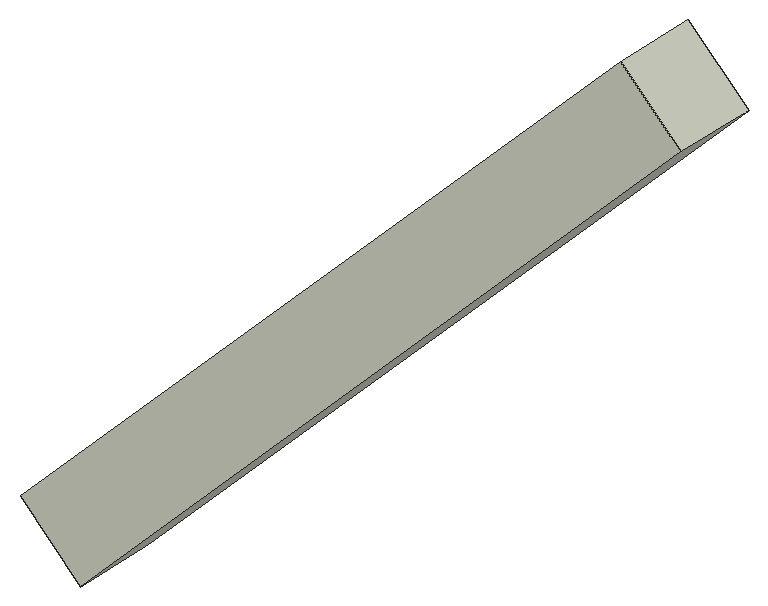
Revit family "グレーチング_等辺山形鋼", category Generic Models, Revit 2020
Family settings
  Can host rebar = No
  Round Connector Dimension = Use Diameter
  Part Type = Normal
  Work Plane-Based = Yes
  Always vertical = No
  Cut with Voids When Loaded = No
  Shared = No
  Room Calculation Point = No
Parameters (values of type "L 100 x 100")
  高さ = 100 mm
  長辺 [instance] = 長さ  # 1000 mm
  長さ [instance] = 1000 mm
  部屋名 = ""
  角度 [instance] = 45.00°
  Default Elevation = 1219.2 mm
  構造マテリアル = E614_グレーチング
  幅 = 100 mm
Types (18, lengths in mm): name | 高さ | 幅
  L 120 x 120 | 120 | 120
  L 130 x 130 | 130 | 130
  L 150 x 150 | 150 | 150
  L 175 x 175 | 175 | 175
  L 200 x 200 | 200 | 200
  L 25 x 25 | 25 | 25
  L 250 x 250 | 250 | 250
  L 30 x 30 | 30 | 30
  L 45 x 45 | 45 | 45
  L 50 x 50 | 50 | 50
  L 60 x 60 | 60 | 60
  L 65 x 65 | 65 | 65
  L 70 x 70 | 70 | 70
  L 75 x 75 | 75 | 75
  L 80 x 80 | 80 | 80
  L 90 x 90 | 90 | 90
  L 100 x 100 | 100 | 100
  L 40 x 40 | 40 | 40
Reference planes
  plane 1 "中心(正面/背面)": y = 0
  plane 2: z = 0
  plane 3 "中心(左/右)": x = 0
Lines and regions (mm)
  reference lines
    curve 1: line (0, 0, 0) -> (848.528, 0, 848.528)
    curve 2: line (35.355, 0, -35.355) -> (-35.355, 0, 35.355)
    curve 3: line (742.462, 0, 671.751) -> (671.751, 0, 742.462)
Dimensions and locks
  equal spacing: curve 2, curve 1, curve 2
  "高さ": curve 2 to curve 2
  equal spacing: curve 3, curve 1, curve 3
  "高さ": curve 3 to curve 3
  "長さ": curve 2 to curve 3
  "角度": angle level to curve 1
  angle curve 2 to curve 1 = 90.00°
  angle curve 3 to curve 1 = 90.00°
  aligned and locked: level to plane 2
  aligned and locked: level to curve 1
  aligned and locked: plane 3 "中心(左/右)" to curve 1
  aligned and locked: nested 1 to curve 1
Nested families
  nested 1: "グレーチング_等辺山形鋼" at (-35.355, 0, 35.355) x (0, 1, 0) z (0.7071, 0, -0.7071), 長さ <- "長さ", type "L 25 x 25"
    with 長辺 1000 mm, 長さ 1000 mm, 高さ 100 mm, 幅 100 mm
Definition of nested family "グレーチング_等辺山形鋼"
  Parameters (values of type "L 25 x 25")
    高さ = 25 mm
    長辺 [instance] = 長さ  # 1000 mm
    長さ [instance] = 1000 mm
    部屋名 = ""
    Default Elevation = 1219.2 mm
    構造マテリアル = none
    幅 = 25 mm
  Reference planes
    plane 1 "中心(正面/背面)": y = 0
    plane 2: z = 0
    plane 3 "中心(左/右)": x = 0
    plane 4: z = 12.5
    plane 5: z = 25
  Forms (mm)
    Extrusion 1, solid, material <- "構造マテリアル"
      sketch origin (0, 0, 0) x (1, 0, 0) y (0, 1, 0)
        loop
          line (-12.5, 1000) -> (-12.5, 0) -> (12.5, 0) -> (12.5, 1000) -> (-12.5, 1000)
      from 0 to 25
  Lines and regions (mm)
    reference lines
      curve 1: line (12.5, 1000, 0) -> (-12.5, 1000, 0)
      curve 2: line (12.5, 0, 0) -> (-12.5, 0, 0)
  Dimensions and locks
    "長さ": curve 1 to curve 2
    "幅": Extrusion 1 to Extrusion 1
    equal spacing: Extrusion 1, plane 3 "中心(左/右)", Extrusion 1
    "幅": curve 1 to curve 1
    equal spacing: curve 1, plane 3 "中心(左/右)", curve 1
    "幅": curve 2 to curve 2
    equal spacing: curve 2, plane 3 "中心(左/右)", curve 2
    equal spacing: plane 5, plane 4, level
    "高さ": plane 5 to level
    aligned and locked: level to plane 2
    aligned and locked: Extrusion 1 to curve 2
    aligned and locked: curve 1 to Extrusion 1
    aligned and locked: plane 5 to Extrusion 1
  Automatic sketch dimensions
    Extrusion 1 sketch curve to plane 3 "中心(左/右)" = 12.5 mm
    plane 3 "中心(左/右)" to Extrusion 1 sketch curve = 12.5 mm
    plane 1 "中心(正面/背面)" to Extrusion 1 sketch curve = 0 mm
    Extrusion 1 sketch curve to plane 1 "中心(正面/背面)" = 1000 mm
    plane 1 "中心(正面/背面)" to curve 2 = 0 mm
